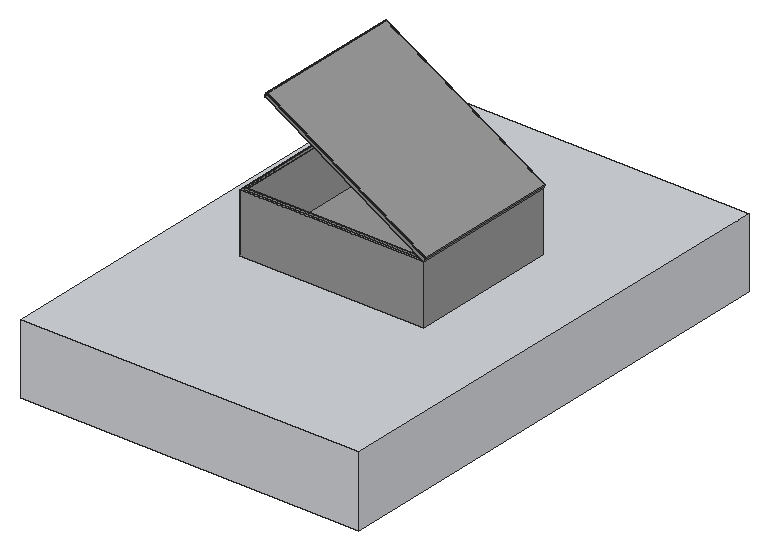
Revit family "Hager-Univers-IP55-D275-H650-Cl.II-Steel_encl-BE-en", category Equipement électrique, Revit 2020
Family settings
  Hôte = Face
  Configuration du panneau = Deux colonnes, circuits au sein
  Cote de connecteur circulaire = Utiliser le diamètre
  Type d'élément = Tableau de raccordement
  Couper avec des vides une fois chargée = Non
  Partagée = Non
  Point de calcul de pièce = Non
Parameters (values of type "Surface mounted (plaster) IP55 W800 H650 D275  - FR43S")
  Width Control [instance] = if([EF000008 - Width] > Min Width, [EF000008 - Width], Min Width)  # 800 mm
  Commentaires du type = [HG000003 - Range]  # "Univers"
  Thickness Door [instance] = if([EF009171 - Material plate thickness door/cover] > 3 mm, 3 mm, [EF009171 - Material plate thickness door/cover])  # 1.5 mm
  Seal Frame Offset [instance] = 17 mm  # constant formula
  Plinth Visibility [instance] = [HG000027 - Plinth height] > 0 mm  # no
  Model = ""
  Min Width [instance] = 100 mm  # constant formula
  Min Height [instance] = 100 mm  # constant formula
  Min Depth [instance] = (2 * [EF009170 - Material plate thickness cabinet]) + 1 mm  # 4 mm
  Internal Frame Depth [instance] = (Door System Depth * 0.5)  # 9 mm
  Height Control [instance] = if([EF000040 - Height] > Min Height, [EF000040 - Height], Min Height)  # 650 mm
  HG000027 - Plinth height = 0 mm
  HG000026 - Floor standing = no
  HG000024 - Bottom section height = 800 mm
  HG000023 - Double section enclosure = no
  HG000016 - Door 3d visibility [instance] = yes
  HG000015 - Clearance visibility [instance] = no
  HG000014 - Door on the right [instance] = yes
  HG000013 - Door on the left [instance] = not([HG000014 - Door on the right])  # no
  HG000012 - Door swing angle [instance] = 30.00°
  HG000010 - Asymmetric doors = no
  HG000009 - Double swing door = no
  HG000006 - Flush mounted = no
  HG000004 - Manufacturer reference = "FR43S"
  HG000003 - Range = "Univers"
  HG000002 - With door or cover = yes
  Frame Offset Bottom [instance] = 10 mm  # constant formula
  Frame Offset [instance] = 15 mm  # constant formula
  EF015940 - Cover with overpressure release = no
  EF011959 - Degree of protection (NEMA) = ""
  EF009554 - Number of openings for flange plates = 6
  EF009212 - Cover model = "EV000116 - Closed"
  EF009171 - Material plate thickness door/cover = 1.5 mm
  EF009170 - Material plate thickness cabinet = 1.5 mm
  Fabricant = "Hager"  # constant formula
  EF008873 - Nominal current (In) = 800 A
  EF007800 - Suitable for lightning protection = no
  EF006306 - With lock = no
  EF006244 - Transparent cover/door = no
  EF005474 - Degree of protection (IP) = "EV006420 - IP55"
  EF004464 - Type of door = "EV002646 - Single"
  EF004427 - Number of modules = 144
  EF004293 - Impact strength = "EV008784 - IK10"
  EF003532 - Suitable for outdoor use = no
  EF002950 - Width in number of modular spacings = 24
  EF001613 - Circuit integrity = "EV000494 - None"
  EF001596 - Material housing = "EV000179 - Steel"
  EF001131 - Internal depth = 275 mm
  EF001088 - Extension possible = yes
  EF000437 - Number of conduit inlets = 6
  EF000339 - Type of cover = "EV004216 - Door"
  EF000266 - Number of rows = 4
  EF000218 - Built-in depth = 0 mm
  EF000118 - With mounting plate = no
  EF000116 - RAL-number = "7035"
  EF000049 - Depth = 275 mm
  EF000040 - Height = 650 mm
  EF000008 - Width = 800 mm
  EF000007 - Colour = "EV000270 - Grey"
  EF000003 - Mounting method = "EV000384 - Surface mounted (plaster)"
  Door System Leaf Tolerance [instance] = 1.5 mm  # constant formula
  Door System Depth [instance] = 18 mm  # constant formula
  Door Height [instance] = Height Control - [HG000027 - Plinth height]  # 650 mm
  Depth Control [instance] = if([EF000049 - Depth] > Min Depth, [EF000049 - Depth], Min Depth)  # 275 mm
  Default Elevation = 0 mm
  Connector Offset [instance] = Height Control / 2  # 325 mm
  Bottom Top Plate Trim [instance] = 1.5 mm  # constant formula
  Plinth height Ctrl [instance] = if([HG000027 - Plinth height] > 0 mm, [HG000027 - Plinth height], 12 mm)  # 12 mm
Types (5, lengths in mm): name | Width Control | HG000010 - Asymmetric doors | HG000009 - Double swing door | HG000004 - Manufacturer reference | EF009554 - Number of openings for flange plates | EF004464 - Type of door | EF004427 - Number of modules | EF000437 - Number of conduit inlets | EF000008 - Width
  Surface mounted (plaster) IP55 W1050 H650 D275  - FR44S | 1050 | no | yes | "FR44S" | 8 | "EV003602 - Double" | 192 | 8 | 1050
  Surface mounted (plaster) IP55 W1300 H650 D275  - FR45S | 1300 | yes | yes | "FR45S" | 10 | "EV003602 - Double" | 240 | 10 | 1300
  Surface mounted (plaster) IP55 W300 H650 D275  - FR41S | 300 | no | no | "FR41S" | 2 | "EV002646 - Single" | 48 | 2 | 300
  Surface mounted (plaster) IP55 W550 H650 D275  - FR42S | 550 | no | no | "FR42S" | 4 | "EV002646 - Single" | 96 | 4 | 550
  Surface mounted (plaster) IP55 W800 H650 D275  - FR43S | 800 | no | no | "FR43S" | 6 | "EV002646 - Single" | 144 | 6 | 800
Reference planes
  plane 1 "Center (Front/Back)": y = 0
  plane 2: z = 0
  plane 3 "Center (Left/Right)": x = 0
  plane 4: z = 275
  plane 5: y = 1.5
  plane 6: y = 325
  plane 7: y = 0
  plane 8: y = 650
  plane 9: z = 0
  plane 10: x = -385
  plane 11: x = 385
  plane 12: x = 383.5
  plane 13: x = -383.5
  plane 14: y = 648.5
  plane 15: x = -383
  plane 16: x = -400
  plane 17: x = 383
  plane 18: x = 400
  plane 19: x = 398.5
  plane 20: x = -398.5
  plane 21: y = 11.5
  plane 22: y = 650
  plane 23: y = 633.5
  plane 24: z = 257
  plane 25: z = 1.5
  plane 26: z = 255.5
  plane 27: z = 273.5
Forms (mm)
  Extrusion 1, solid
    sketch origin (0, 0, 0) x (1, 0, 0) y (0, 1, 0)
      loop
        line (-702.964, 1305) -> (-702.964, -811.445) -> (766.763, -811.445) -> (766.763, 1305) -> (-702.964, 1305)
    from 0 to -304.8
  Extrusion 2, solid, material "Hager_Steel_RAL7035_Light_Grey", visible <- "Plinth Visibility", detail levels medium+fine
    sketch origin (0, 0, 0) x (1, 0, 0) y (0, 1, 0)
      loop
        line (-400, 0) -> (400, 0) -> (400, 12) -> (-400, 12) -> (-400, 0)
    from 0 to 257
  Extrusion 3, solid, material "Hager_Steel_RAL7035_Light_Grey", detail levels medium+fine
    sketch origin (0, 0, 0) x (1, 0, 0) y (0, 1, 0)
      loop
        line (-400, 0) -> (400, 0) -> (400, 650) -> (-400, 650) -> (-400, 0)
    from 0 to 257
  Extrusion 4, void
    sketch origin (0, 0, 0) x (1, 0, 0) y (0, 1, 0)
      loop
        line (-398.5, 1.5) -> (398.5, 1.5) -> (398.5, 648.5) -> (-398.5, 648.5) -> (-398.5, 1.5)
    from 1.5 to 255.5
  Extrusion 5, void
    sketch origin (-381.607, -4572, 257) x (0, -1, 0) y (-1, 0, 0)
      loop
        line (-4583.5, 1.893) -> (-5205.5, 1.893) -> (-5205.5, -765.107) -> (-4583.5, -765.107) -> (-4583.5, 1.893)
    from 0 to 1.5 <- "EF009170 - Material plate thickness cabinet"
  Extrusion 6, solid, material "Hager_Steel_RAL7035_Light_Grey", detail levels fine
    sketch origin (0, 0, 257) x (1, 0, 0) y (0, 1, 0)
      loop
        line (-383.5, 633.5) -> (-383.5, 11.5) -> (383.5, 11.5) -> (383.5, 633.5) -> (-383.5, 633.5)
      loop
        line (-385, 10) -> (385, 10) -> (385, 635) -> (-385, 635) -> (-385, 10)
    from 0 to 9 <- "Internal Frame Depth"
  Extrusion 7, solid, material "Hager_Steel_RAL7035_Light_Grey", detail levels coarse
    sketch origin (0, 0, 0) x (1, 0, 0) y (0, 1, 0)
      loop
        line (-400, 0) -> (400, 0) -> (400, 650) -> (-400, 650) -> (-400, 0)
    from 0 to 275
  Sweep 8, void
    path in 3D
      loop
        line (-400, 12, 0) -> (400, 12, 0) -> (400, 12, 257) -> (-400, 12, 257) -> (-400, 12, 0)
    profile origin (-400, 12, 128.5) x (-1, 0, 0) y (0, -1, 0)
      loop
        line (0, 0) -> (0, 1.5) -> (-1.5, 1.5)
        arc (-1.5, 1.5) -> (-1.061, 0.439) -> (0, 0) r 1.5
Cuts and joins
  Extrusion 4, Extrusion 5 cuts Extrusion 3
  Sweep 8 cuts Extrusion 2
Lines and regions (mm)
  Masking region 1
    outline origin (0, 0, 0) x (1, 0, 0) y (0, 0, 1)
      loop
        line (-400, 275) -> (-400, 0) -> (400, 0) -> (400, 275) -> (-400, 275)
  Masking region 2, detail levels medium+fine
    outline origin (0, 140, 0) x (0, 1, 0) y (0, 0, 1)
      loop
        line (-140, 0) -> (510, 0) -> (510, 257) -> (-140, 257) -> (-140, 0)
  Masking region 3, not visible, detail levels medium+fine
    outline origin (0, 297.922, 0) x (0, 1, 0) y (0, 0, 1)
      loop
        line (38.578, 0) -> (78.578, 0) -> (78.578, 263.5)
        arc (78.578, 263.5) -> (75.649, 270.571) -> (68.578, 273.5) r 10
        line (68.578, 273.5) -> (38.578, 273.5) -> (38.578, 0)
  Masking region 4, detail levels coarse
    outline origin (0, 0, 180) x (0, 1, 0) y (0, 0, 1)
      loop
        line (0, -180) -> (650, -180) -> (650, 95) -> (0, 95) -> (0, -180)
  Masking region 5, visible <- "Plinth Visibility", detail levels medium+fine
    outline origin (0, 52.24, 12.345) x (0, 0, -1) y (0, 1, 0)
      loop
        line (10.845, -40.24) -> (-243.155, -40.24)
        arc (-243.155, -40.24) -> (-243.594, -41.301) -> (-244.655, -41.74) r 1.5
        line (-244.655, -41.74) -> (-244.655, -52.24) -> (12.345, -52.24) -> (12.345, -41.74)
        arc (12.345, -41.74) -> (11.285, -41.301) -> (10.845, -40.24) r 1.5
  Masking region 6, detail levels medium+fine
    outline origin (-381.607, -4572, 257) x (-1, 0, 0) y (0, -1, 0)
      loop
        line (18.393, -5222) -> (18.393, -4572) -> (-781.607, -4572) -> (-781.607, -5222) -> (18.393, -5222)
  Masking region 7, visible <- "Plinth Visibility", detail levels medium+fine
    outline origin (-381.607, -4727, 257) x (-1, 0, 0) y (0, -1, 0)
      loop
        arc (16.893, -4739) -> (17.332, -4737.939) -> (18.393, -4737.5) r 1.5
        line (18.393, -4737.5) -> (18.393, -4727) -> (-781.607, -4727) -> (-781.607, -4737.5)
        arc (-781.607, -4737.5) -> (-780.546, -4737.939) -> (-780.107, -4739) r 1.5
        line (-780.107, -4739) -> (16.893, -4739)
  Masking region 8, detail levels coarse
    outline origin (-442.548, -4669.526, 257) x (-1, 0, 0) y (0, -1, 0)
      loop
        line (-42.548, -5319.526) -> (-42.548, -4669.526) -> (-842.548, -4669.526) -> (-842.548, -5319.526) -> (-42.548, -5319.526)
  sketch lines
    curve 1: line (-400, 12, 257) -> (-400, 12, 0)
    curve 2: line (400, 12, 257) -> (-400, 12, 257)
    curve 3: line (400, 12, 257) -> (400, 12, 0)
    curve 4: line (-400, 12, 0) -> (400, 12, 0)
Dimensions and locks
  "Depth Control": plane 4 to Extrusion 1
  "HG000027 - Plinth height": plane 1 "Center (Front/Back)" to plane 7
  "EF009170 - Material plate thickness cabinet": plane 5 to plane 7
  locked: connector elem to plane 3 "Center (Left/Right)"
  equal spacing: plane 8, plane 6, plane 7
  locked: connector elem to plane 6
  "EF009170 - Material plate thickness cabinet": plane 8 to plane 14
  "EF009170 - Material plate thickness cabinet": plane 10 to plane 13
  "EF009170 - Material plate thickness cabinet": plane 12 to plane 11
  "Frame Offset": plane 20 to plane 13
  "Frame Offset": plane 12 to plane 19
  "EF009170 - Material plate thickness cabinet": plane 16 to plane 20
  "EF009170 - Material plate thickness cabinet": plane 19 to plane 18
  "Seal Frame Offset": plane 16 to plane 15
  "Seal Frame Offset": plane 17 to plane 18
  "Frame Offset Bottom": plane 21 to plane 5
  "Frame Offset": plane 14 to plane 23
  equal spacing: plane 16, plane 3 "Center (Left/Right)", plane 18
  "Width Control": plane 16 to plane 18
  "EF009170 - Material plate thickness cabinet": plane 4 to plane 27
  "EF009170 - Material plate thickness cabinet": plane 24 to plane 26
  "EF009170 - Material plate thickness cabinet": plane 25 to level
  "Door System Depth": plane 4 to plane 24
  "Height Control": plane 1 "Center (Front/Back)" to Extrusion 7 sketch curve
  "Height Control": Masking region 4 sketch curve to plane 1 "Center (Front/Back)"
  "Height Control": plane 1 "Center (Front/Back)" to plane 22
  "Bottom Top Plate Trim": profile plane to Sweep 8 sketch curve
  "Bottom Top Plate Trim": Sweep 8 sketch curve to profile plane
  "Plinth height Ctrl": plane 1 "Center (Front/Back)" to Extrusion 2 sketch curve
  "Plinth height Ctrl": Masking region 5 sketch curve to plane 1 "Center (Front/Back)"
  "Plinth height Ctrl": plane 1 "Center (Front/Back)" to Masking region 7 sketch curve
  "Thickness Door": Extrusion 6 sketch curve to Extrusion 6 sketch curve  (x3)
  "Thickness Door": cut or joined group of Extrusion 3, Extrusion 4, Extrusion 5 to Extrusion 6 sketch curve
  radius of Masking region 3 sketch curve = 10 mm
  "Bottom Top Plate Trim": radius of Masking region 5 sketch curve  (x2)
  "Bottom Top Plate Trim": radius of Sweep 8 sketch curve
  "Bottom Top Plate Trim": radius of Masking region 7 sketch curve  (x2)
  aligned and locked: plane 2 to Extrusion 1
  aligned and locked: level to Extrusion 1
  aligned and locked: level to Masking region 1 sketch curve
  aligned and locked: Masking region 1 sketch curve to plane 18
  aligned and locked: Masking region 1 sketch curve to plane 16
  aligned and locked: plane 7 to Masking region 2 sketch curve
  aligned and locked: level to Masking region 3 sketch curve
  aligned and locked: Masking region 3 sketch curve to plane 27
  aligned and locked: level to Masking region 2 sketch curve
  aligned and locked: plane 1 "Center (Front/Back)" to Extrusion 2 sketch curve
  aligned and locked: Extrusion 3 sketch curve to plane 7
  aligned and locked: plane 16 to Extrusion 3 sketch curve
  aligned and locked: plane 18 to Extrusion 3 sketch curve
  aligned and locked: plane 20 to Extrusion 4 sketch curve
  aligned and locked: plane 19 to Extrusion 4 sketch curve
  aligned and locked: Extrusion 4 sketch curve to plane 5
  aligned and locked: Extrusion 4 to plane 25
  aligned and locked: plane 26 to Extrusion 4
  aligned and locked: plane 24 to Extrusion 3
  aligned and locked: Extrusion 5 sketch curve to plane 21
  aligned and locked: Extrusion 5 sketch curve to plane 13
  aligned and locked: Extrusion 5 sketch curve to plane 12
  aligned and locked: plane 18 to Extrusion 7 sketch curve
  aligned and locked: plane 1 "Center (Front/Back)" to Extrusion 7 sketch curve
  aligned and locked: plane 16 to Extrusion 7 sketch curve
  aligned and locked: plane 4 to Extrusion 7
  aligned and locked: Extrusion 7 to level
  aligned and locked: level to Masking region 4 sketch curve
  aligned and locked: Masking region 4 sketch curve to plane 1 "Center (Front/Back)"
  aligned and locked: Masking region 4 sketch curve to plane 4
  aligned and locked: nested 1 to level
  aligned and locked: nested 1 to plane 16
  aligned and locked: plane 8 to Extrusion 3 sketch curve
  aligned and locked: plane 23 to Extrusion 5 sketch curve
  aligned and locked: plane 14 to Extrusion 4 sketch curve
  aligned and locked: Masking region 2 sketch curve to plane 8
  aligned and locked: level to Masking region 5 sketch curve
  aligned and locked: plane 16 to Extrusion 2 sketch curve
  aligned and locked: plane 18 to Extrusion 2 sketch curve
  aligned and locked: Masking region 5 sketch curve to plane 24
  aligned and locked: Masking region 2 sketch curve to plane 24
  aligned and locked: plane 24 to Extrusion 2
  aligned and locked: profile plane to Sweep 8 sketch curve  (x2)
  aligned and locked: Masking region 6 sketch curve to plane 18
  aligned and locked: Masking region 6 sketch curve to plane 22
  aligned and locked: Masking region 6 sketch curve to plane 16
  aligned and locked: plane 8 to plane 22
  aligned and locked: Masking region 6 sketch curve to plane 7
  aligned and locked: Masking region 7 sketch curve to plane 16
  aligned and locked: Masking region 7 sketch curve to plane 1 "Center (Front/Back)"
  aligned and locked: Masking region 7 sketch curve to plane 18
  aligned and locked: Masking region 8 sketch curve to plane 1 "Center (Front/Back)"
  aligned and locked: Masking region 8 sketch curve to plane 18
  aligned and locked: Masking region 8 sketch curve to plane 22
  aligned and locked: Masking region 8 sketch curve to plane 16
  aligned and locked: nested 2 to plane 7
  aligned and locked: plane 3 "Center (Left/Right)" to nested 2
  aligned and locked: nested 2 to plane 24
  aligned and locked: Extrusion 6 sketch curve to cut or joined group of Extrusion 3, Extrusion 4, Extrusion 5  (x4)
Automatic sketch dimensions
  Extrusion 1 sketch curve to Extrusion 1 sketch curve = 1469.727 mm
  Extrusion 1 sketch curve to Extrusion 1 sketch curve = 2116.445 mm
  Masking region 1 sketch curve to plane 4 = 0 mm
  plane 6 to Masking region 3 sketch curve = 11.5 mm
  Masking region 3 sketch curve to Masking region 3 sketch curve = 30 mm
  Masking region 5 sketch curve to plane 1 "Center (Front/Back)" = 0 mm
Nested families
  nested 1: "Hager_Enclosure_Symbol" at (-400, 0, 0) x (1, 0, 0) z (0, -1, 0), Height <- "Depth Control", Width <- "Width Control", type "Hager_Enclosure_Symbol"
    with Width_Ctrl 800 mm, Width 800 mm, Height_Ctrl 275 mm, Height 275 mm, A_Width_Int 18.047 mm, A_Width 216.562 mm, A_Height_Ctrl 240.625 mm, A_Height 240.625 mm
  nested 2: "EC000058_Univers_Door" at (0, 0, 257) x (1, 0, 0) z (0, 1, 0), Leaf_Tolerance <- "Door System Leaf Tolerance", Angle <- "HG000012 - Door swing angle", Door_Depth <- "Door System Depth", Door_Left <- "HG000013 - Door on the left", Transparent <- "EF006244 - Transparent cover/door", Assymetrical <- "HG000010 - Asymmetric doors", Width <- "Width Control", Clearance <- "HG000015 - Clearance visibility", Double <- "HG000009 - Double swing door", 3d_Door <- "HG000016 - Door 3d visibility", Lock_Visibility <- "EF006306 - With lock", Width_Ctrl <- "Width Control", Door_Right <- "HG000014 - Door on the right", Door <- "HG000002 - With door or cover", Height <- "Door Height", Thickness <- "Thickness Door", type "EC000058_Univers_Door", detail levels medium+fine
    with min_wh 4 mm, Width_Ctrl 800 mm, Width 800 mm, Transparent no, Thickness 1.5 mm, Seal_Material Hager_Rubber, Lock_Visibility no, Lock_Material Hager_Plastic_RAL9005_Jet_Black, Leaf_Width 800 mm, Leaf_Tolerance_External_Sides 0 mm, Leaf_Tolerance 1.5 mm, Leaf_Offset 0 mm, Leaf_Height 647 mm, Leaf_2_Width 800 mm, Leaf_2_Offset 400 mm, Leaf_1_Width 800 mm, Leaf_1_Offset 400 mm, Height_Ctrl 650 mm, Height 650 mm, Glass_Material Hager_Glass, Double_Clearance_Ctrl no, Double no, Door_Right_Ctrl yes, Door_Right yes, Door_Material Hager_Steel_RAL7035_Light_Grey, Door_Left_Ctrl no, Door_Left no, Door_Depth 18 mm, Door yes, Clearance_Material Hager_Clearance, Clearance_Depth 800 mm, Clearance_Ctrl no, Clearance no, Assymetrical no, Angle 30.00°, 3d_Door yes
Connectors
  electrical at (0, 325, 0)
    settings: on plane 9, index 1, voltage 0 V, apparent load 0 VA, apparent load phase1 0 VA, apparent load phase2 0 VA, apparent load phase3 0 VA, power factor 1, load classification "Other", number of poles 1, system type 30, power factor state 1, is connector primary yes, connector utility no, sub classification motor no, connector description ""
Definition of nested family "EC000058_Univers_Door"
  Parameters (values of type "EC000058_Univers_Door")
    min_wh [instance] = (2 * Thickness) + 1 mm  # 11 mm
    Width_Ctrl [instance] = 400 mm
    Width [instance] = 500 mm
    Transparent [instance] = yes
    Thickness [instance] = 5 mm
    Seal_Material [instance] = none
    Lock_Visibility [instance] = yes
    Lock_Material [instance] = none
    Leaf_Width [instance] = if((Width_Ctrl - 2 * Leaf_Tolerance_External_Sides) > 0 mm, (Width_Ctrl - 2 * Leaf_Tolerance_External_Sides), min_wh)  # 400 mm
    Leaf_Tolerance_External_Sides [instance] = 0 mm  # constant formula
    Leaf_Tolerance [instance] = 1.5 mm
    Leaf_Offset [instance] = 0 mm  # constant formula
    Leaf_Height [instance] = if((Height_Ctrl - 2 * Leaf_Tolerance) > 0 mm, (Height_Ctrl - 2 * Leaf_Tolerance), min_wh)  # 497 mm
    Leaf_2_Width [instance] = if(and(and(Double, Assymetrical), Door_Left), (Leaf_Width / 3) - (Leaf_Tolerance / 2), if(and(and(Double, Assymetrical), Door_Right), (Leaf_Width / 3) * 2 - (Leaf_Tolerance / 2), if(and(Double, not(Assymetrical)), (Leaf_Width / 2) - Leaf_Tolerance, Leaf_Width)))  # 400 mm
    Leaf_2_Offset [instance] = if(and(Double, Assymetrical), Leaf_2_Width / 2, if(and(Double, not(Assymetrical)), Leaf_Width / 4, Leaf_Width / 2))  # 200 mm
    Leaf_1_Width [instance] = if(and(and(Double, Assymetrical), Door_Right), (Leaf_Width / 3) - (Leaf_Tolerance / 2), if(and(and(Double, Assymetrical), Door_Left), (Width / 3) * 2 - (Leaf_Tolerance / 2), if(and(Double, not(Assymetrical)), (Leaf_Width / 2) - Leaf_Tolerance, Leaf_Width)))  # 400 mm
    Leaf_1_Offset [instance] = if(and(Double, Assymetrical), Leaf_1_Width / 2, if(and(Double, not(Assymetrical)), Leaf_Width / 4, Leaf_Width / 2))  # 200 mm
    Height_Ctrl [instance] = if(Height > min_wh, Height, min_wh)  # 500 mm
    Height [instance] = 500 mm
    Glass_Material [instance] = none
    Double_Clearance_Ctrl [instance] = and(Double, Clearance)  # no
    Double [instance] = no
    Door_Right_Ctrl [instance] = and(or(Door_Right, Double), Door)  # yes
    Door_Right [instance] = yes
    Door_Material [instance] = none
    Door_Left_Ctrl [instance] = and(or(Door_Left, Double), Door)  # no
    Door_Left [instance] = no
    Door_Depth [instance] = 30 mm
    Door [instance] = yes
    Default Elevation = 1219.2 mm
    Clearance_Material [instance] = none
    Clearance_Depth [instance] = if(Leaf_1_Width > Leaf_2_Width, Leaf_1_Width, Leaf_2_Width)  # 400 mm
    Clearance_Ctrl [instance] = and(not(Double), Clearance)  # yes
    Clearance [instance] = yes
    Assymetrical [instance] = yes
    Angle [instance] = 30.00°
    3d_Door [instance] = yes
  Reference planes
    plane 1 "Center (Front/Back)": y = 0
    plane 2 "Bottom": z = 0
    plane 3 "Center (Left/Right)": x = 0
    plane 4: z = 500
    plane 5: x = -200
    plane 6: x = 200
    plane 7: z = 500
    plane 8: x = -200
    plane 9: z = 0
    plane 10: x = 200
    plane 11: y = 0
    plane 12: z = 1.5
    plane 13: x = -600
    plane 14: y = -400
    plane 15: x = 600
    plane 16: x = 0
    plane 17: x = 0
    plane 18: x = -200
    plane 19: x = 200
    plane 20: z = 498.5
  Forms (mm)
    Extrusion 1, solid, material <- "Clearance_Material", visible <- "Double_Clearance_Ctrl"
      sketch origin (1200, 0, 0) x (1, 0, 0) y (0, 0, -1)
        loop
          line (-1800, -498.5) -> (-600, -498.5) -> (-600, 0) -> (-1800, 0) -> (-1800, -498.5)
      from 0 to -400
  Dimensions and locks
    equal spacing: plane 5, plane 3 "Center (Left/Right)", plane 6
    "Width_Ctrl": plane 5 to plane 6
    "Leaf_Offset": plane 5 to plane 8
    "Leaf_Offset": plane 6 to plane 10
    "Leaf_Offset": plane 9 to level
    "Leaf_Offset": plane 4 to plane 7
    "Height_Ctrl": plane 4 to level
    "Leaf_Tolerance": plane 12 to plane 9
    locked: plane 11 to plane 1 "Center (Front/Back)"
    "Leaf_1_Offset": plane 18 to plane 16
    "Leaf_2_Offset": plane 17 to plane 19
    "Leaf_1_Width": plane 13 to plane 8
    "Leaf_2_Width": plane 10 to plane 15
    "Clearance_Depth": plane 14 to plane 1 "Center (Front/Back)"
    "Leaf_Tolerance_External_Sides": plane 8 to plane 18
    "Leaf_Tolerance_External_Sides": plane 19 to plane 10
    "Leaf_Tolerance": plane 7 to plane 20
    aligned and locked: level to plane 2 "Bottom"
    aligned and locked: nested 1 to plane 16
    aligned and locked: nested 2 to plane 17
    aligned and locked: Extrusion 1 to plane 13
    aligned and locked: plane 15 to Extrusion 1
    aligned and locked: Extrusion 1 to plane 14
    aligned and locked: plane 12 to nested 1
    aligned and locked: nested 2 to plane 12
    aligned and locked: Extrusion 1 to plane 11
    aligned and locked: plane 20 to Extrusion 1
    aligned and locked: nested 2 to plane 11
    aligned and locked: nested 1 to plane 11
  Automatic sketch dimensions
    Extrusion 1 sketch curve to level = 0 mm
    plane 5 to Extrusion 1 sketch curve = 400 mm
    plane 6 to Extrusion 1 sketch curve = 400 mm
    Extrusion 1 sketch curve to plane 4 = 1.5 mm
  Nested families
    nested 1: "EC000058_Univers_Door_Leaf" at (0, 0, 1.5), Width <- "Leaf_1_Width", visible <- "Door_Left_Ctrl", Leaf_Height <- "Leaf_Height", Angle <- "Angle", 3d_Door <- "3d_Door", Transparent <- "Transparent", Clearance Material <- "Clearance_Material", Clearance <- "Clearance_Ctrl", Door_Material <- "Door_Material", Glass_Material <- "Glass_Material", Door_Depth <- "Door_Depth", Lock_Material <- "Lock_Material", Seal_Material <- "Seal_Material", Lock_Visibility <- "Lock_Visibility", Thickness <- "Thickness", type "EC000058_Univers_Door_Leaf"
      with Width 400 mm, Transparent_Glass_Offset 30 mm, Transparent_Ctrl yes, Transparent yes, Thickness 5 mm, Standard no, Seal_Material none, Seal_D2 8 mm, Seal_D1 1 mm, Offset_Internal_Frame 10 mm, Lock_Width 20 mm, Lock_Visibility_3d yes, Lock_Visibility yes, Lock_Thickness_3 3 mm, Lock_Thickness_2 1 mm, Lock_Thickness_1 3 mm, Lock_Radius_Offset_2 16 mm, Lock_Radius_Offset_1 15 mm, Lock_Radius_2 5 mm, Lock_Radius 6 mm, Lock_Offset 5 mm, Lock_Material none, Lock_Height 80 mm, Lock_Cover_Top_Offset_2d 17 mm, Lock_Cover_Height -65 mm, Leaf_Height 497 mm, Internal_Seal_Thickness 8 mm, Internal_Seal_Depth_2 4.5 mm, Internal_Frame_Depth 25 mm, Glass_Thickness -1 mm, Glass_Offset -2 mm, Glass_Material none, Door_Material none, Door_Depth 30 mm, Clearance Material none, Clearance yes, Angle_Ctrl 30.00°, Angle 30.00°, 3d_Door yes
    nested 2: "EC000058_Univers_Door_Leaf" at (0, 0, 1.5) x (-1, 0, 0) z (0, 0, 1), Width <- "Leaf_2_Width", visible <- "Door_Right_Ctrl", Leaf_Height <- "Leaf_Height", Angle <- "Angle", 3d_Door <- "3d_Door", Transparent <- "Transparent", Clearance Material <- "Clearance_Material", Clearance <- "Clearance_Ctrl", Door_Material <- "Door_Material", Glass_Material <- "Glass_Material", Door_Depth <- "Door_Depth", Lock_Material <- "Lock_Material", Seal_Material <- "Seal_Material", Lock_Visibility <- "Lock_Visibility", Thickness <- "Thickness", type "EC000058_Univers_Door_Leaf"
      with Width 400 mm, Transparent_Glass_Offset 30 mm, Transparent_Ctrl yes, Transparent yes, Thickness 5 mm, Standard no, Seal_Material none, Seal_D2 8 mm, Seal_D1 1 mm, Offset_Internal_Frame 10 mm, Lock_Width 20 mm, Lock_Visibility_3d yes, Lock_Visibility yes, Lock_Thickness_3 3 mm, Lock_Thickness_2 1 mm, Lock_Thickness_1 3 mm, Lock_Radius_Offset_2 16 mm, Lock_Radius_Offset_1 15 mm, Lock_Radius_2 5 mm, Lock_Radius 6 mm, Lock_Offset 5 mm, Lock_Material none, Lock_Height 80 mm, Lock_Cover_Top_Offset_2d 17 mm, Lock_Cover_Height -65 mm, Leaf_Height 497 mm, Internal_Seal_Thickness 8 mm, Internal_Seal_Depth_2 4.5 mm, Internal_Frame_Depth 25 mm, Glass_Thickness -1 mm, Glass_Offset -2 mm, Glass_Material none, Door_Material none, Door_Depth 30 mm, Clearance Material none, Clearance yes, Angle_Ctrl 30.00°, Angle 30.00°, 3d_Door yes
  Definition of nested family "EC000058_Univers_Door_Leaf"
    Parameters (values of type "EC000058_Univers_Door_Leaf")
      Width [instance] = 2000 mm
      Transparent_Glass_Offset [instance] = 30 mm
      Transparent_Ctrl [instance] = and(Transparent, [3d_Door])  # yes
      Transparent [instance] = yes
      Thickness [instance] = 5 mm
      Standard [instance] = and(not(Transparent), [3d_Door])  # no
      Seal_Material [instance] = none
      Seal_D2 [instance] = 8 mm  # constant formula
      Seal_D1 [instance] = 1 mm  # constant formula
      Offset_Internal_Frame [instance] = 10 mm  # constant formula
      Lock_Width [instance] = 20 mm  # constant formula
      Lock_Visibility_3d [instance] = and(Lock_Visibility, [3d_Door])  # yes
      Lock_Visibility [instance] = yes
      Lock_Thickness_3 [instance] = 3 mm  # constant formula
      Lock_Thickness_2 [instance] = 1 mm  # constant formula
      Lock_Thickness_1 [instance] = 3 mm  # constant formula
      Lock_Radius_Offset_2 [instance] = Lock_Radius_Offset_1 + 1 mm  # 16 mm
      Lock_Radius_Offset_1 [instance] = 15 mm  # constant formula
      Lock_Radius_2 [instance] = Lock_Radius - 1 mm  # 5 mm
      Lock_Radius [instance] = 6 mm  # constant formula
      Lock_Offset [instance] = 5 mm  # constant formula
      Lock_Material [instance] = none
      Lock_Height [instance] = 80 mm  # constant formula
      Lock_Cover_Top_Offset_2d [instance] = Lock_Radius_Offset_2 + 1 mm  # 17 mm
      Lock_Cover_Height [instance] = -(Lock_Height - Lock_Radius_Offset_1)  # -65 mm
      Leaf_Height [instance] = 2720.336 mm
      Internal_Seal_Thickness [instance] = 8 mm  # constant formula
      Internal_Seal_Depth_2 [instance] = 4.5 mm  # constant formula
      Internal_Frame_Depth [instance] = if(Door_Depth - Thickness > 5 mm, Door_Depth - Thickness, 5 mm)  # 25 mm
      Glass_Thickness [instance] = if(Thickness > 15 mm, Glass_Offset + 10 mm, -1 mm)  # -1 mm
      Glass_Offset [instance] = if(Thickness > 15 mm, -(Thickness + 10 mm) / 2, -2 mm)  # -2 mm
      Glass_Material [instance] = none
      Door_Material [instance] = none
      Door_Depth [instance] = 30 mm
      Default Elevation = 0 mm
      Clearance Material [instance] = none
      Clearance [instance] = yes
      Angle_Ctrl [instance] = if(Angle > 180.00°, 180.00°, Angle)  # 90.00°
      Angle [instance] = 90.00°
      3d_Door [instance] = yes
    Reference planes
      plane 1 "Center (Front/Back)": y = 0
      plane 2: z = 0
      plane 3 "Center (Left/Right)": x = 0
      plane 4: y = 2000
      plane 5: x = -1000
      plane 6: x = 1000
      plane 7: x = -3000
      plane 8: z = 2720.336
      plane 9: z = 30
      plane 10: z = 2690.336
      plane 11: x = 970
      plane 12: x = -970
      plane 13: y = -3
      plane 14: z = 107.833
      plane 15: y = -5
      plane 16: y = -223.314
      plane 17: x = -1000
      plane 18: z = 1360.168
      plane 19: y = 30
    Forms (mm)
      Extrusion 1, solid, material <- "Clearance Material", visible <- "Clearance"
        sketch origin (0, 0, 0) x (1, 0, 0) y (0, 0, 1)
          loop
            line (-3000, 2720.336) -> (-3000, 0) -> (1000, 0) -> (1000, 2720.336) -> (-3000, 2720.336)
        from 0 to -2000
      Extrusion 2, solid, material <- "Door_Material", visible <- "Standard", detail levels medium+fine
        sketch origin (-1000, 0, 0) x (0, 1, 0) y (-1, 0, 0)
          loop
            line (0, 30) -> (0, 25) -> (2000, 25) -> (2000, 30) -> (0, 30)
        from 0 to 2720.336 <- "Leaf_Height"
      Extrusion 3, solid, material <- "Door_Material", visible <- "Transparent_Ctrl", detail levels medium+fine
        sketch origin (-1000, 0, 0) x (0, 1, 0) y (-1, 0, 0)
          loop
            line (0, 25) -> (2000, 25) -> (2000, 30) -> (0, 30) -> (0, 25)
        from 0 to 2720.336 <- "Leaf_Height"
      Extrusion 4, void
        sketch origin (-1025, 2000, 0) x (0, 1, 0) y (0, 0, -1)
          loop
            line (-30, -2690.336) -> (-30, -30) -> (-1970, -30) -> (-1970, -2690.336) -> (-30, -2690.336)
        from 0 to 5 <- "Thickness"
      Sweep 5, solid, material <- "Seal_Material", visible <- "Transparent_Ctrl", detail levels fine
        path in 3D
          loop
            line (-1025, 30, 30) -> (-1025, 30, 2690.336) -> (-1025, 1970, 2690.336) -> (-1025, 1970, 30) -> (-1025, 30, 30)
        profile origin (-1025, 1000, 30) x (1, 0, 0) y (0, 0, 1)
          loop
            line (0, 0) -> (0, -8) -> (1, -8) -> (1, 0) -> (0, 0)
      Extrusion 6, solid, material <- "Glass_Material", visible <- "Transparent_Ctrl", detail levels medium+fine
        sketch origin (-1030, 0, 0) x (0, 1, 0) y (0, 0, -1)
          loop
            line (1970, -2690.336) -> (1970, -30) -> (30, -30) -> (30, -2690.336) -> (1970, -2690.336)
        from -2 <- "Glass_Offset" to -1 <- "Glass_Thickness"
      Extrusion 7, solid, material <- "Door_Material", visible <- "3d_Door", detail levels medium+fine
        sketch origin (-1025, 2000, 0) x (0, -1, 0) y (0, 0, -1)
          loop
            line (0, -2720.336) -> (2000, -2720.336) -> (2000, 0) -> (0, 0) -> (0, -2720.336)
          loop
            line (1995, -5) -> (5, -5) -> (5, -2715.336) -> (1995, -2715.336) -> (1995, -5)
        from 0 to 25 <- "Internal_Frame_Depth"
      Sweep 8, solid, material <- "Seal_Material", visible <- "Transparent_Ctrl", detail levels fine
        path in 3D
          loop
            line (-1025, 0, 0) -> (-1025, 2000, 0) -> (-1025, 2000, 2720.336) -> (-1025, 0, 2720.336) -> (-1025, 0, 0)
        profile origin (-1025, 0, 1360.168) x (1, 0, 0) y (0, 1, 0)
          loop
            line (0, 10) -> (2.975, 10)
            arc (2.975, 10) -> (4.053, 10.447) -> (4.5, 11.525) r 1.525
            line (4.5, 11.525) -> (4.5, 16.527)
            arc (4.5, 16.527) -> (4.069, 17.569) -> (3.027, 18) r 1.473
            line (3.027, 18) -> (0, 18) -> (0, 10)
      Extrusion 9, solid, material <- "Lock_Material", visible <- "Lock_Visibility_3d", detail levels fine
        sketch origin (-1030, 0, 0) x (0, 1, 0) y (0, 0, -1)
          loop
            arc (1993.5, -1400.168) -> (1994.561, -1399.729) -> (1995, -1398.668) r 1.5
            line (1995, -1398.668) -> (1995, -1320.168) -> (1975, -1320.168) -> (1975, -1398.668)
            arc (1975, -1398.668) -> (1975.439, -1399.729) -> (1976.5, -1400.168) r 1.5
            line (1976.5, -1400.168) -> (1993.5, -1400.168)
        from 3 <- "Lock_Thickness_1" to 0
      Blend 10, solid, material <- "Lock_Material", visible <- "Lock_Visibility_3d", detail levels fine
        base sketch origin (-1033, 0, 0) x (0, 1, 0) y (0, 0, -1)
          loop
            line (1975, -1320.168) -> (1975, -1398.668)
            arc (1975, -1398.668) -> (1975.439, -1399.729) -> (1976.5, -1400.168) r 1.5
            line (1976.5, -1400.168) -> (1993.5, -1400.168)
            arc (1993.5, -1400.168) -> (1994.561, -1399.729) -> (1995, -1398.668) r 1.5
            line (1995, -1398.668) -> (1995, -1320.168) -> (1975, -1320.168)
        top sketch origin (-1033, 0, 0) x (0, 1, 0) y (0, 0, -1)
          loop
            line (1976, -1320.168) -> (1976, -1398.668)
            arc (1976, -1398.668) -> (1976.146, -1399.022) -> (1976.5, -1399.168) r 0.5
            line (1976.5, -1399.168) -> (1993.5, -1399.168)
            arc (1993.5, -1399.168) -> (1993.854, -1399.022) -> (1994, -1398.668) r 0.5
            line (1994, -1398.668) -> (1994, -1320.168) -> (1976, -1320.168)
        from 0 to 1 <- "Lock_Thickness_2"
      Blend 11, solid, material <- "Lock_Material", visible <- "Lock_Visibility_3d", detail levels fine
        base sketch origin (-1034, 0, 0) x (0, 1, 0) y (0, 0, -1)
          loop
            line (1978, -1320.168) -> (1978, -1384.168)
            arc (1978, -1384.168) -> (1985, -1391.168) -> (1992, -1384.168) r 7
            line (1992, -1384.168) -> (1992, -1320.168) -> (1978, -1320.168)
        top sketch origin (-1034, 0, 0) x (0, 1, 0) y (0, 0, -1)
          loop
            line (1991, -1320.168) -> (1979, -1320.168) -> (1979, -1383.168)
            arc (1979, -1383.168) -> (1985, -1389.168) -> (1991, -1383.168) r 6
            line (1991, -1383.168) -> (1991, -1320.168)
        from 0 to 3 <- "Lock_Thickness_3"
      Extrusion 12, solid, material <- "Lock_Material", visible <- "Lock_Visibility_3d", detail levels fine
        sketch origin (-1030, 1975, 1320.168) x (1, 0, 0) y (0, -1, 0)
          loop
            line (-7, -19) -> (-7, -1) -> (0, -1) -> (0, 0) -> (-8, 0) -> (-8, -20) -> (0, -20) -> (0, -19) -> (-7, -19)
        from 0 to -65 <- "Lock_Cover_Height"
      Extrusion 13, void
        sketch origin (-1038, 1995, 1320.168) x (-1, 0, 0) y (0, 0, -1)
          loop
            line (-5, -65) -> (0, -65) -> (-5, -60) -> (-5, -65)
        from 0 to 20 <- "Lock_Width"
      Extrusion 14, void
        sketch origin (-1038, 1975, 1320.168) x (0, -1, 0) y (0, 0, -1)
          loop
            circle (-10, -15.995) r 6
          loop
            circle (-10, -15.995) r 5
        from 0 to 2
      Extrusion 15, solid, material <- "Lock_Material", visible <- "Lock_Visibility_3d", detail levels medium
        sketch origin (-1030, 0, 0) x (0, 1, 0) y (0, 0, -1)
          loop
            arc (1993.5, -1400.168) -> (1994.561, -1399.729) -> (1995, -1398.668) r 1.5
            line (1995, -1398.668) -> (1995, -1320.168) -> (1975, -1320.168) -> (1975, -1398.668)
            arc (1975, -1398.668) -> (1975.439, -1399.729) -> (1976.5, -1400.168) r 1.5
            line (1976.5, -1400.168) -> (1993.5, -1400.168)
        from 8 to 0
    Cuts and joins
      Extrusion 4 cuts Extrusion 3
      Extrusion 13, Extrusion 14 cuts Extrusion 9
      Extrusion 14 cuts Blend 11
      Extrusion 13, Extrusion 14 cuts Extrusion 12
      joined: Extrusion 9, Blend 10, Blend 11, Extrusion 12
      Extrusion 14 cuts Extrusion 15
    Lines and regions (mm)
      Masking region 1, visible <- "Lock_Visibility", detail levels fine
        outline origin (0, 0, 0) x (0, 1, 0) y (0, 0, 1)
          loop
            line (30, 1320.168) -> (33, 1320.168) -> (33, 1400.168) -> (30, 1400.168) -> (30, 1320.168)
      Masking region 2, visible <- "Lock_Visibility", detail levels fine
        outline origin (0, 3.143, 0) x (0, 1, 0) y (0, 0, 1)
          loop
            line (29.857, 1354.168) -> (30.857, 1354.168) -> (30.857, 1366.168) -> (29.857, 1366.168) -> (29.857, 1354.168)
      Masking region 3, detail levels medium+fine
        outline origin (0, 0, 0) x (0, 1, 0) y (0, 0, 1)
          loop
            line (0, 0) -> (30, 0) -> (30, 2720.336) -> (0, 2720.336) -> (0, 0)
      Masking region 4, detail levels medium+fine
        outline origin (0, 0, 0) x (1, 0, 0) y (0, 0, 1)
          loop
            line (-1000, 2720.336) -> (-1000, 0) -> (1000, 0) -> (1000, 2720.336) -> (-1000, 2720.336)
      Masking region 5, visible <- "Lock_Visibility", detail levels fine
        outline origin (-47.116, 0, 0) x (1, 0, 0) y (0, 0, 1)
          loop
            arc (1024.616, 1399.168) -> (1023.556, 1398.729) -> (1023.116, 1397.668) r 1.5
            line (1023.116, 1397.668) -> (1023.116, 1320.168) -> (1041.116, 1320.168) -> (1041.116, 1397.668)
            arc (1041.116, 1397.668) -> (1040.677, 1398.729) -> (1039.616, 1399.168) r 1.5
            line (1039.616, 1399.168) -> (1024.616, 1399.168)
      Masking region 6, visible <- "Lock_Visibility", detail levels medium+fine
        outline origin (-25, 0, 0) x (1, 0, 0) y (0, 0, 1)
          loop
            arc (1001.5, 1400.168) -> (1000.439, 1399.729) -> (1000, 1398.668) r 1.5
            line (1000, 1398.668) -> (1000, 1320.168) -> (1020, 1320.168) -> (1020, 1398.668)
            arc (1020, 1398.668) -> (1019.561, 1399.729) -> (1018.5, 1400.168) r 1.5
            line (1018.5, 1400.168) -> (1001.5, 1400.168)
      Masking region 7, visible <- "Lock_Visibility", detail levels fine
        outline origin (-73.735, 0, 0) x (1, 0, 0) y (0, 0, 1)
          loop
            line (1051.735, 1382.168) -> (1065.735, 1382.168) -> (1065.735, 1384.168)
            arc (1065.735, 1384.168) -> (1058.735, 1391.168) -> (1051.735, 1384.168) r 7
            line (1051.735, 1384.168) -> (1051.735, 1382.168)
      Masking region 8, visible <- "Lock_Visibility", detail levels fine
        outline origin (-73.735, 0, 0) x (1, 0, 0) y (0, 0, 1)
          loop
            line (1052.735, 1382.168) -> (1064.735, 1382.168) -> (1064.735, 1383.168)
            arc (1064.735, 1383.168) -> (1058.735, 1389.168) -> (1052.735, 1383.168) r 6
            line (1052.735, 1383.168) -> (1052.735, 1382.168)
      Masking region 9, visible <- "Lock_Visibility", detail levels fine
        outline origin (-25, 0, 0) x (1, 0, 0) y (0, 0, 1)
          loop
            line (1020, 1320.168) -> (1020, 1382.168) -> (1000, 1382.168) -> (1000, 1320.168) -> (1020, 1320.168)
      Masking region 10, detail levels medium+fine
        outline origin (0, 0, 0) x (1, 0, 0) y (0, 0, 1)
          loop
            circle (985, 1335.144) r 6
      Masking region 11, detail levels fine
        outline origin (0, 0, 0) x (1, 0, 0) y (0, 0, 1)
          loop
            circle (985, 1335.144) r 5
      Masking region 12, visible <- "Lock_Visibility", detail levels fine
        outline origin (0, 12.767, 0) x (0, 1, 0) y (0, 0, 1)
          loop
            line (20.233, 1320.168) -> (21.233, 1320.168) -> (21.233, 1399.168) -> (20.233, 1400.168) -> (20.233, 1320.168)
      Masking region 13, visible <- "Lock_Visibility", detail levels fine
        outline origin (0, 13.767, -10) x (0, 1, 0) y (0, 0, 1)
          loop
            line (20.233, 1330.168) -> (23.233, 1330.168) -> (23.233, 1399.168) -> (20.233, 1402.168) -> (20.233, 1330.168)
      Masking region 14, visible <- "Lock_Visibility", detail levels fine
        outline origin (0, 12.767, -10) x (0, 1, 0) y (0, 0, 1)
          loop
            line (20.233, 1330.168) -> (25.233, 1330.168) -> (25.233, 1399.305) -> (20.233, 1394.305) -> (20.233, 1330.168)
      Masking region 15, visible <- "Lock_Visibility", detail levels medium
        outline origin (0, 0, 0) x (0, 1, 0) y (0, 0, 1)
          loop
            line (30, 1320.168) -> (38, 1320.168) -> (38, 1400.168) -> (30, 1400.168) -> (30, 1320.168)
      Masking region 16, visible <- "Lock_Visibility", detail levels fine
        outline origin (-1000, 0, 0) x (0, 1, 0) y (-1, 0, 0)
          loop
            line (1975, 30) -> (1995, 30) -> (1995, 38) -> (1975, 38) -> (1975, 30)
          loop
            line (1979, 37) -> (1976, 37) -> (1976, 34) -> (1978, 34) -> (1979, 37)
          loop
            line (1994, 37) -> (1991, 37) -> (1992, 34) -> (1994, 34) -> (1994, 37)
      Masking region 17, visible <- "Lock_Visibility", detail levels medium
        outline origin (-1000, 0, 0) x (0, 1, 0) y (-1, 0, 0)
          loop
            line (1975, 30) -> (1995, 30) -> (1995, 38) -> (1975, 38) -> (1975, 30)
      symbolic lines
        curve 1: line (1000, 0, 0) -> (-3000, 0, 0)
        curve 2: arc (1000, 0, 0) -> (-1000, 2000, 0) -> (-3000, 0, 0) r 2000
        curve 4: line (-1030, 0, 0) -> (-1030, 2000, 0)
      reference lines
        curve 3: line (-1000, 0, 0) -> (-1000, 2000, 0)
      symbolic lines, detail levels medium+fine
        curve 5: line (-1030, 2000, 0) -> (-1025, 2000, 0)
        curve 7: line (-1025, 0, 0) -> (-1030, 0, 0)
        curve 8: line (-1025, 0, 0) -> (-1000, 0, 0)
        curve 9: line (-1000, 0, 0) -> (-1000, 2000, 0)
        curve 10: line (-1000, 2000, 0) -> (-1025, 2000, 0)
      symbolic lines, detail levels fine
        curve 6: line (-1025, 2000, 0) -> (-1025, 0, 0)
      sketch lines
        curve 11: line (-1025, 0, 2720.336) -> (-1025, 0, 0)
        curve 12: line (-1025, 2000, 0) -> (-1025, 0, 0)
        curve 13: line (-1025, 2000, 2720.336) -> (-1025, 2000, 0)
        curve 14: line (-1025, 0, 2720.336) -> (-1025, 2000, 2720.336)
        curve 15: line (-1025, 1970, 30) -> (-1025, 30, 30)
        curve 16: line (-1025, 30, 30) -> (-1025, 30, 2690.336)
        curve 17: line (-1025, 1970, 2690.336) -> (-1025, 1970, 30)
        curve 18: line (-1025, 30, 2690.336) -> (-1025, 1970, 2690.336)
      symbolic lines, visible <- "Transparent", detail levels medium+fine
        curve 19: line (-970, 0, 2690.336) -> (970, 0, 2690.336)
        curve 20: line (-970, 0, 30) -> (-970, 0, 2690.336)
        curve 21: line (970, 0, 30) -> (-970, 0, 30)
        curve 22: line (970, 0, 2690.336) -> (970, 0, 30)
    Dimensions and locks
      "Width": plane 1 "Center (Front/Back)" to plane 4
      equal spacing: plane 5, plane 3 "Center (Left/Right)", plane 6
      "Width": plane 5 to plane 6
      "Width": plane 7 to plane 5
      "Leaf_Height": plane 8 to level
      "Width": curve 5 to curve 3
      "Width": curve 3 to curve 3
      plane 8 to plane 10 = 30 mm
      plane 9 to level = 30 mm
      plane 12 to plane 5 = 30 mm
      plane 6 to plane 11 = 30 mm
      Extrusion 1 to Extrusion 4 sketch curve = 30 mm
      "Transparent_Glass_Offset": curve 3 to Extrusion 4 sketch curve
      "Transparent_Glass_Offset": Extrusion 4 sketch curve to cut or joined group of Extrusion 3, Extrusion 4  (x2)
      cut or joined group of Extrusion 3, Extrusion 4 to Extrusion 6 sketch curve = 30 mm
      "Transparent_Glass_Offset": cut or joined group of Extrusion 3, Extrusion 4 to Extrusion 4 sketch curve
      "Thickness": curve 6 to curve 4
      "Thickness": Extrusion 7 sketch curve to Extrusion 7 sketch curve  (x4)
      "Door_Depth": curve 4 to curve 3
      "Offset_Internal_Frame": profile plane to Sweep 8 sketch curve
      "Internal_Seal_Thickness": Sweep 8 sketch curve to Sweep 8 sketch curve
      "Internal_Seal_Depth_2": profile plane to Sweep 8 sketch curve
      "Seal_D1": profile plane to Sweep 5 sketch curve
      "Seal_D2": profile plane to Sweep 5 sketch curve
      "Thickness": Extrusion 2 sketch curve to Extrusion 2 sketch curve
      equal spacing: Extrusion 9 sketch curve, plane 18, Extrusion 9 sketch curve  (x2)
      equal spacing: Masking region 1 sketch curve, plane 18, Masking region 1 sketch curve
      "Lock_Height": Masking region 1 sketch curve to Masking region 1 sketch curve
      "Lock_Radius": Masking region 2 sketch curve to plane 18 to Masking region 2 sketch curve
      Masking region 2 sketch curve to Masking region 1 = 1 mm
      "Door_Depth": plane 19 to plane 1 "Center (Front/Back)"
      "Lock_Thickness_1": Masking region 1 sketch curve to plane 19
      "Lock_Width": Extrusion 9 sketch curve to Extrusion 9 sketch curve
      "Lock_Height": Extrusion 9 sketch curve to Extrusion 9 sketch curve
      "Lock_Offset": cut or joined group of Extrusion 3, Extrusion 4 to Extrusion 9 sketch curve
      equal spacing: plane 8, plane 18, level
      "Lock_Radius_Offset_1": Blend 11 sketch curve to Blend 10
      locked: Blend 10 to Blend 11 sketch curve at 2  (x2)
      locked: var sketch to Blend 11 sketch curve at 1  (x2)
      "Lock_Radius_Offset_2": Blend 11 sketch curve to Blend 10
      locked: Extrusion 12 sketch curve to Extrusion 12 sketch curve at 1  (x3)
      Masking region 6 sketch curve to Masking region 6 sketch curve = 80 mm
      "Lock_Height": Masking region 6 sketch curve to Masking region 6 sketch curve
      "Lock_Width": Masking region 6 sketch curve to Masking region 6 sketch curve
      locked: Masking region 6 to Masking region 5 sketch curve at 1  (x3)
      locked: Masking region 5 to Masking region 7 sketch curve at 2  (x2)
      "Lock_Radius_Offset_1": Masking region 5 to Masking region 7 sketch curve
      "Lock_Radius_Offset_2": Masking region 5 to Masking region 8 sketch curve
      locked: Masking region 7 to Masking region 8 sketch curve at 1  (x2)
      "Lock_Cover_Top_Offset_2d": Masking region 5 to Masking region 9 sketch curve
      equal spacing: Masking region 9, Masking region 10 sketch curve, Masking region 9
      equal spacing: Masking region 9, Masking region 11 sketch curve, Masking region 9
      Extrusion 15 sketch curve to Extrusion 15 sketch curve = 80 mm
      "Lock_Width": Extrusion 15 sketch curve to Extrusion 15 sketch curve
      "Lock_Height": Extrusion 15 sketch curve to Extrusion 15 sketch curve
      equal spacing: Extrusion 15 sketch curve, plane 18, Extrusion 15 sketch curve
      "Lock_Thickness_3": Masking region 13 sketch curve to Masking region 13 sketch curve
      "Lock_Height": Masking region 12 sketch curve to Masking region 12 sketch curve
      locked: Masking region 13 sketch curve to Masking region 1 at 8
      locked: Masking region 14 sketch curve to Masking region 13 at 1
      locked: Masking region 14 sketch curve to Masking region 1 at 10.863
      "Lock_Height": Masking region 15 sketch curve to Masking region 15 sketch curve
      "Lock_Offset": Extrusion 15 sketch curve to cut or joined group of Extrusion 3, Extrusion 4
      "Lock_Offset": plane 6 to Masking region 6 sketch curve
      radius of Sweep 8 sketch curve = 1.525 mm
      radius of Sweep 8 sketch curve = 1.473 mm
      radius of Extrusion 9 sketch curve = 1.5 mm  (x2)
      "Lock_Radius": radius of Extrusion 14 sketch curve
      "Lock_Radius_2": radius of Extrusion 14 sketch curve
      "Lock_Radius": radius of Masking region 10 sketch curve
      "Lock_Radius_2": radius of Masking region 11 sketch curve
      radius of Extrusion 15 sketch curve = 1.5 mm  (x2)
      "Angle_Ctrl": angle plane 1 "Center (Front/Back)" to curve 3
      locked: Masking region 12 sketch curve to Masking region 12 sketch curve (angle 45.00°)
      locked: Masking region 13 sketch curve to Masking region 13 sketch curve (angle 45.00°)
      locked: Masking region 14 sketch curve to Masking region 14 sketch curve (angle 45.00°)
      aligned and locked: level to plane 2
      aligned and locked: Extrusion 1 to curve 1
      aligned and locked: plane 6 to Extrusion 1
      aligned and locked: Extrusion 1 to plane 1 "Center (Front/Back)"
      aligned and locked: plane 4 to Extrusion 1
      aligned and locked: plane 8 to Extrusion 1
      aligned and locked: curve 7 to Extrusion 2 sketch curve
      aligned and locked: curve 5 to Extrusion 2 sketch curve
      aligned and locked: curve 7 to Extrusion 3 sketch curve
      aligned and locked: Extrusion 3 sketch curve to curve 4
      aligned and locked: Extrusion 3 sketch curve to curve 6
      aligned and locked: Extrusion 3 sketch curve to curve 5
      aligned and locked: curve 9 to curve 3
      aligned and locked: Extrusion 7 sketch curve to cut or joined group of Extrusion 3, Extrusion 4  (x4)
      aligned and locked: plane 17 to curve 3
      aligned and locked: plane 1 "Center (Front/Back)" to curve 3
      aligned and locked: plane 17 to plane 5
      aligned and locked: Sweep 8 sketch curve to profile plane
      aligned and locked: Sweep 5 sketch curve to profile plane  (x2)
      aligned and locked: Masking region 1 to Masking region 2 sketch curve
      aligned and locked: plane 19 to Masking region 1 sketch curve
      aligned and locked: plane 1 "Center (Front/Back)" to Masking region 3 sketch curve
      aligned and locked: plane 19 to Masking region 3 sketch curve
      aligned and locked: level to Masking region 3 sketch curve
      aligned and locked: Masking region 3 sketch curve to plane 8
      aligned and locked: plane 17 to Masking region 4 sketch curve
      aligned and locked: level to Masking region 4 sketch curve
      aligned and locked: Masking region 4 sketch curve to plane 8
      aligned and locked: plane 12 to curve 20
      aligned and locked: plane 10 to curve 19
      aligned and locked: plane 11 to curve 22
      aligned and locked: curve 21 to plane 9
      aligned and locked: Extrusion 2 sketch curve to cut or joined group of Extrusion 3, Extrusion 4
      aligned and locked: Blend 10 sketch curve to Extrusion 9  (x4)
      aligned and locked: Extrusion 9 to Blend 10 sketch curve
      aligned and locked: Blend 10 to Blend 11 sketch curve
      aligned and locked: Extrusion 12 sketch curve to Blend 11
      aligned and locked: Extrusion 12 sketch curve to Extrusion 9  (x4)
      aligned and locked: Masking region 5 sketch curve to Masking region 6
      aligned and locked: Masking region 9 sketch curve to Masking region 6  (x3)
      aligned and locked: Masking region 12 sketch curve to Masking region 1
      aligned and locked: Masking region 13 sketch curve to Masking region 1
      aligned and locked: Masking region 12 to Masking region 14
      aligned and locked: Masking region 14 sketch curve to Masking region 1
      aligned and locked: Masking region 15 sketch curve to Masking region 14
      aligned and locked: Masking region 13 sketch curve to Masking region 12
      aligned and locked: Masking region 16 sketch curve to cut or joined group of Extrusion 14, Extrusion 15  (x4)
      aligned and locked: Masking region 16 sketch curve to cut or joined group of Extrusion 9, Blend 10, Blend 11, Extrusion 12, Extrusion 13, Extrusion 14  (x6)
      aligned and locked: cut or joined group of Extrusion 9, Blend 10, Blend 11, Extrusion 12, Extrusion 13, Extrusion 14 to Masking region 16 sketch curve
      aligned and locked: Masking region 17 sketch curve to cut or joined group of Extrusion 14, Extrusion 15  (x3)
      aligned and locked: Masking region 17 sketch curve to cut or joined group of Extrusion 9, Blend 10, Blend 11, Extrusion 12, Extrusion 13, Extrusion 14
      aligned and locked: Masking region 9 to Masking region 8 sketch curve
      aligned and locked: Masking region 9 to Masking region 7 sketch curve
    Automatic sketch dimensions
      plane 1 "Center (Front/Back)" to curve 2 = 0 mm
      curve 2 to plane 5 = 0 mm
      Extrusion 1 sketch curve to level = 0 mm
      Extrusion 1 sketch curve to plane 7 = 0 mm
      Extrusion 1 sketch curve to plane 6 = 0 mm
      Extrusion 1 sketch curve to plane 8 = 0 mm
      Extrusion 3 to Extrusion 6 sketch curve = 30 mm  (x4)
      Masking region 4 sketch curve to plane 6 = 0 mm
      Blend 10 sketch curve to Extrusion 9 = 1.5 mm
      Blend 10 sketch curve to Extrusion 9 = 1 mm
      Extrusion 13 sketch curve to Extrusion 12 = 0 mm  (x2)
      Extrusion 12 to Extrusion 13 sketch curve = 3 mm
      Extrusion 13 sketch curve to Extrusion 12 = 5 mm
      Extrusion 14 sketch curve to Extrusion 14 sketch curve = 0 mm  (x2)
      Extrusion 14 sketch curve to Extrusion 12 = 10 mm
      Extrusion 14 sketch curve to Extrusion 12 = 15.995 mm
      Masking region 5 sketch curve to Masking region 5 sketch curve = 1.5 mm  (x2)
      Masking region 10 sketch curve to plane 18 = 25.024 mm
      Masking region 11 sketch curve to plane 18 = 25.024 mm
      plane 19 to Masking region 14 sketch curve = 3 mm
      Masking region 16 sketch curve to Masking region 16 sketch curve = 3 mm
      curve 4 to curve 3 = 0 mm
      Blend 10 to Blend 11 sketch curve = 0 mm
      Masking region 6 sketch curve to Masking region 6 sketch curve = 1.5 mm  (x2)
      Masking region 6 sketch curve to plane 18 = 40 mm
      plane 19 to Masking region 12 sketch curve = 3 mm
      Masking region 12 sketch curve to Masking region 12 sketch curve = 1 mm
      Masking region 15 sketch curve to plane 19 = 0 mm
      Masking region 15 sketch curve to plane 18 = 40 mm
      radius of Blend 10 sketch curve to Extrusion 9 = 1 mm
Definition of nested family "Hager_Enclosure_Symbol"
  Parameters (values of type "Hager_Enclosure_Symbol")
    Width_Ctrl [instance] = if(Width > 1 mm, Width, 1 mm)  # 102.27 mm
    Width [instance] = 102.27 mm
    Height_Ctrl [instance] = if(Height > 1 mm, Height, 1 mm)  # 66.5 mm
    A_Width_Int [instance] = if(A_Width / 12 > 2 mm, A_Width / 12, 2 mm)  # 4.364 mm
    A_Width [instance] = if(A_Height_Ctrl * 0.9 > 2 mm, A_Height_Ctrl * 0.9, 2 mm)  # 52.369 mm
    A_Height_Ctrl [instance] = if(A_Height > 2 mm, A_Height, 2 mm)  # 58.188 mm
    Height [instance] = 66.5 mm
    A_Height [instance] = Height - (Height / 8)  # 58.188 mm
  Reference planes
    plane 1 "Centre (avant/arrière)": y = 0
    plane 2: z = 0
    plane 3 "Centre (gauche/droite)": x = 0
    plane 4: x = 52.369
    plane 5: y = 33.042
    plane 6: y = 41.77
    plane 7: y = 66.5
    plane 8: x = 26.184
    plane 9: y = 37.406
    plane 10: x = 102.27
    plane 11: y = 66.5
    plane 12: y = 8.313
  Lines and regions (mm)
    Filled region 1, type "Solid_Black", in view "Niveau de réf."
      outline origin (0, 0, 0) x (1, 0, 0) y (0, 1, 0)
        loop
          line (52.369, 66.5) -> (33.188, 54.536) -> (45.365, 45.006) -> (52.369, 66.5)
    Filled region 2, type "Solid_Black", in view "Niveau de réf."
      outline origin (0, 0, 0) x (1, 0, 0) y (0, 1, 0)
        loop
          line (0, 0) -> (102.27, 0) -> (102.27, 66.5) -> (0, 0)
    detail lines, in view "Niveau de réf."
      curve 1: line (0, 8.313, 0) -> (26.184, 41.77, 0)
      curve 2: line (26.184, 41.77, 0) -> (26.184, 33.042, 0)
      curve 3: line (26.184, 33.042, 0) -> (52.369, 66.5, 0)
  Dimensions and locks
    "A_Width": plane 3 "Centre (gauche/droite)" to plane 4
    equal spacing: plane 3 "Centre (gauche/droite)", plane 8, plane 4
    equal spacing: plane 6, plane 9, plane 5
    equal spacing: curve 3, Filled region 1 sketch curve, Filled region 1 sketch curve
    "Height_Ctrl": plane 1 "Centre (avant/arrière)" to plane 11
    "A_Height_Ctrl": plane 11 to plane 12
    equal spacing: plane 11, plane 9, plane 12
    "A_Width_Int": plane 6 to plane 9
    "Width_Ctrl": plane 3 "Centre (gauche/droite)" to plane 10
    angle Filled region 1 sketch curve to curve 3 = 20.00°
    angle curve 3 to Filled region 1 sketch curve = 20.00°
    locked: curve 3 to Filled region 1 sketch curve (angle 90.00°)
    aligned and locked: plane 10 to Filled region 2
    aligned and locked: plane 11 to Filled region 2 sketch curve
    aligned and locked: plane 10 to Filled region 2 sketch curve
    aligned and locked: plane 3 "Centre (gauche/droite)" to curve 1
    aligned and locked: plane 12 to curve 1
    aligned and locked: plane 7 to plane 11
  Automatic sketch dimensions
    Filled region 1 sketch curve to plane 4 = 0 mm
    Filled region 1 sketch curve to plane 7 = 0 mm
    plane 1 "Centre (avant/arrière)" to Filled region 2 sketch curve = 0 mm
    Filled region 2 sketch curve to plane 3 "Centre (gauche/droite)" = 0 mm
    curve 2 to plane 6 = 0 mm
    curve 2 to plane 8 = 0 mm
    curve 3 to plane 4 = 0 mm
    curve 2 to plane 5 = 0 mm
    curve 3 to plane 7 = 0 mm
